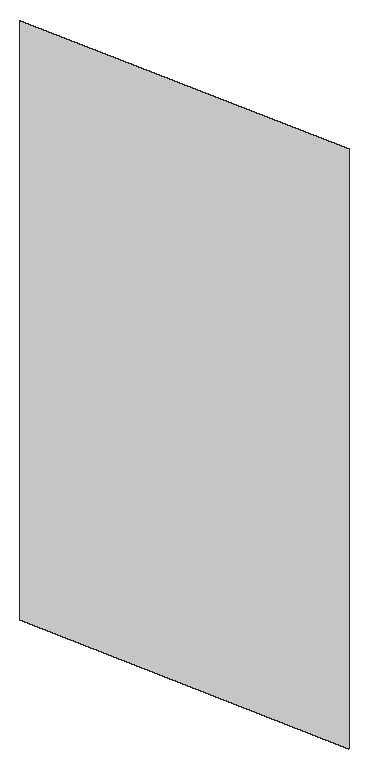
Revit family "PKNail CATV Outlet", category Electrical Fixtures, host Wall, Revit 2017
Family settings
  Host = Wall
  Maintain Annotation Orientation = No
  Round Connector Dimension = Use Diameter
  Part Type = Normal
  OmniClass Number = 23.80.50.11.11
  OmniClass Title = Receptacle Terminal Units
  Always vertical = Yes
  Cut with Voids When Loaded = No
  Shared = No
  Room Calculation Point = No
Parameters (values of type "CATV Outlet")
  Width = 0' - 2 3/4"
  PKNail Family Measure Location Centered = yes
  PKNail Family Instance Elevation [instance] = 0' - 10"
  PKNail Family Fixed Dimensions = "Width:Height"
  Label = "CATV"
  Height = 0' - 4 1/2"
  Material = Plastic - White
Reference planes (in)
  plane 1: y = 0
  plane 2 "Center (Left/Right)": x = 0
  plane 3 "Back": y = 3
  plane 4 "Left": x = -1.375
  plane 5 "Right": x = 1.375
  plane 6: z = 9.75
  plane 7: z = 14.25
  plane 8 "Center (Elevation)": z = 12
  plane 9: y = 3.1875
  plane 10: y = 3.25
  plane 11: z = 2
Forms (in)
  Blend 1, solid, material "Plastic - White" <- "Material"
    base sketch origin (0, 3, 0) x (1, 0, 0) y (0, 0, 1)
      loop
        line (1.375, 14.25) -> (-1.375, 14.25) -> (-1.375, 9.75) -> (1.375, 9.75) -> (1.375, 14.25)
    top sketch origin (0, 3, 0) x (1, 0, 0) y (0, 0, 1)
      loop
        line (1.1875, 14.0625) -> (-1.1875, 14.0625) -> (-1.1875, 9.9375) -> (1.1875, 9.9375) -> (1.1875, 14.0625)
    from 0 to -0.1875
Lines and regions (in)
  model lines, style "InvisibleLines"
    curve 1: line (0, 3, 9.75) -> (0, 3, 2)
Text (in)
  text "Placement Side" at (0, 40.15149, 123.01588), in view "Right"
  text "Placement Side" at (0, 47.49176, 140.59947), in view "Left"
Dimensions and locks (in)
  locked: plane 3 "Back" to host wall
  "Height": plane 6 to plane 7
  "Width": plane 5 "Right" to plane 4 "Left"
  equal spacing: plane 5 "Right", plane 2 "Center (Left/Right)", plane 4 "Left"
  equal spacing: plane 6, plane 8 "Center (Elevation)", plane 7
  locked: plane 3 "Back" to plane 9 at 0.1875
  locked: plane 9 to plane 10 at 0.0625
  "PKNail Family Instance Elevation": plane 11 to plane 8 "Center (Elevation)"
  aligned and locked: plane 6 to Blend 1 sketch curve
  aligned and locked: plane 5 "Right" to Blend 1 sketch curve
  aligned and locked: Blend 1 sketch curve to plane 7
  aligned and locked: plane 3 "Back" to nested 1
  aligned and locked: Blend 1 to curve 1
  aligned and locked: curve 1 to plane 2 "Center (Left/Right)"
Automatic sketch dimensions
  plane 4 "Left" to Blend 1 sketch curve = 0' - 0 3/16"
  Blend 1 sketch curve to plane 5 "Right" = 0' - 0 3/16"
  Blend 1 sketch curve to plane 6 = 0' - 0 3/16"
  plane 7 to Blend 1 sketch curve = 0' - 0 3/16"
  Blend 1 sketch curve to plane 4 "Left" = 0' - 0"
  curve 1 to plane 11 = 0' - 0"
Nested families (in)
  nested 1: "Outlet Annotation2" at (-0.0036, 3, 0), type "Outlet Annotation2"
Definition of nested family "Outlet Annotation2"
  Parameters
    Label = "TV"
  Reference planes (in)
    plane 1: y = 0
    plane 2: x = 0
  Lines and regions (in)
    detail lines
      curve 1: line (0, 0.01567, 0) -> (0, 0.10936, 0)
      curve 2: line (-0.0625, 0.23436, 0) -> (0.0625, 0.23436, 0)
      curve 3: line (-0.0625, 0.10936, 0) -> (-0.0625, 0.23436, 0)
      curve 4: line (0.0625, 0.10936, 0) -> (-0.0625, 0.10936, 0)
      curve 5: line (0.0625, 0.23436, 0) -> (0.0625, 0.10936, 0)
  Text (in)
    label "Label" at (-0.00005, 0.17151, 0), shows "Label"
